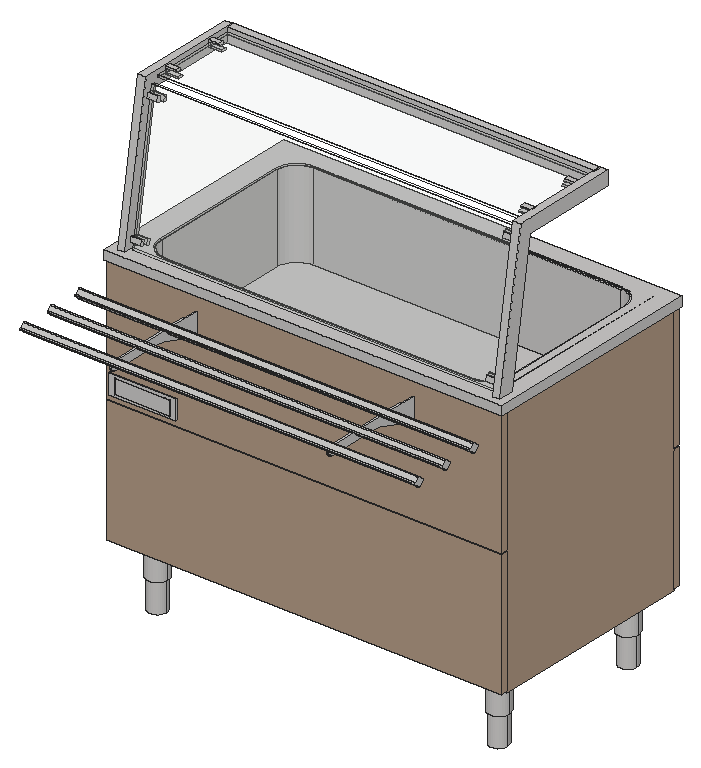
Revit family "QF_ELECTROLUXPROFESSIONAL_322076_F01H3AF01W", category Specialty Equipment, Revit 2018
Family settings
  Round Connector Dimension = Use Diameter
  Part Type = Normal
  Work Plane-Based = No
  Always vertical = Yes
  Cut with Voids When Loaded = No
  Shared = No
  Room Calculation Point = No
Parameters (values of type "Standard")
  Weight = 110.00 kg
  Watts = 0 W
  Volts = 220 V
  URL Manufacturer = "http://professional.electrolux.com"
  URL = "http://professional.electrolux.com"
  Steam Supply Size = 0 mm
  Steam Supply Minimum Pressure = 0.0 Pa
  Steam Supply Maximum Pressure = 0.0 Pa
  Steam Pounds per Hour = 0
  Show Clearance [instance] = yes
  Refrigeration Suction Line Size = 0 mm
  Refrigeration Liquid Line Size = 0 mm
  Refrigerant Compressor Remote = yes
  Manufacturer = "Electrolux Professional"
  Phase = 1
  Model = "F01H3AF01W"
  Length Actual = 1100 mm  # constant formula
  Item Number = "322076"
  Hot Water Size = 0 mm
  Height Actual = 1304 mm  # constant formula
  HP = "0 HP"
  Gas Size = 0 mm
  Gas KW = 0
  Gas Input Pressure = 0 W
  Direct Waste Size = 19.05 mm
  Description = "BAIN-MARIE, WATER, SINGLE WELL, 3GN H=900MM OVERSHELF W/LED LIGHTS"
  Depth Actual = 915 mm  # constant formula
  Cycle = 60 Hz
  Condensate Return Size = 0 mm
  Compressed Air Volume = 0.0 L/s
  Compressed Air Size = 0 mm
  Compressed Air Pressure = 0.0 Pa
  Cold Water Size = 0 mm
  Accessory = yes
Types (2, lengths in mm): name | URL | Manufacturer | Phase | Model | Description
  (no name) | 0 | 0 | 0 | 0 | 0
  Standard | "http://professional.electrolux.com" | "Electrolux Professional" | 1 | "F01H3AF01W" | "BAIN-MARIE, WATER, SINGLE WELL, 3GN H=900MM OVERSHELF W/LED LIGHTS"
Values of the unnamed type that differ from the named types
  Volts = 0 V
  URL Manufacturer = ""
  Item Number = ""
  Cycle = 0 Hz
Reference planes
  plane 1 "Centro (Fronte/Retro)": y = 74.737
  plane 2: z = 0
  plane 3 "BACK": y = 384.737
  plane 4 "FRONT": y = -235.263
  plane 5: z = 900
  plane 6 "RIGHT": x = 35.731
  plane 7 "LEFT": x = -1064.269
  plane 8: x = -514.269
  plane 9: y = 664.737
  plane 10: y = -530.02
  plane 11: z = 178
  plane 12: z = 1304
  plane 13: z = 1222
  plane 14: y = 297.737
  plane 15: y = -148.263
  plane 16: x = -986.269
  plane 17: x = -42.269
  plane 18: x = -1060.269
  plane 19: y = -231.263
  plane 20: x = 31.731
  plane 21: y = 380.737
  plane 22: z = 874
  plane 23: y = 362.737
  plane 24: y = -213.263
  plane 25: z = 182
  plane 26: z = 527
  plane 27: z = 531
  plane 28: x = -212.269
  plane 29: x = -816.269
  plane 30: x = -1042.394
  plane 31: x = 13.856
  plane 32: x = -6.144
  plane 33: x = -1022.394
  plane 34: x = -1014.269
  plane 35: x = -14.269
  plane 36: y = 130.237
  plane 37: y = 19.237
  plane 38: y = 33.237
  plane 39: y = 116.237
  plane 40: x = -952.269
  plane 41: x = -69.269
Forms (mm)
  Extrusion 1, solid, material "QF_Finishes_Wood"
    sketch origin (0, 0, 0) x (1, 0, 0) y (0, 1, 0)
      loop
        line (-1060.269, 362.737) -> (-1060.269, -213.263) -> (31.731, -213.263) -> (31.731, 362.737) -> (-1060.269, 362.737)
    from 178 to 874
  Extrusion 2, solid, material "QF_Finishes_Wood"
    sketch origin (31.731, 362.737, 0) x (0, -1, 0) y (0, 0, -1)
      loop
        line (576, -182) -> (576, -527) -> (594, -527) -> (594, -182) -> (576, -182)
      loop
        line (576, -531) -> (576, -874) -> (594, -874) -> (594, -531) -> (576, -531)
    from 0 to -1092
  Extrusion 3, solid, material "QF_Finishes_Wood"
    sketch origin (31.731, -213.263, 0) x (0, 1, 0) y (0, 0, 1)
      loop
        line (576, 531) -> (594, 531) -> (594, 874) -> (576, 874) -> (576, 531)
    from 0 to -1092
  Extrusion 4, solid, material "QF_Finishes_Stainless Steel"
    sketch origin (0, 0, 0) x (1, 0, 0) y (0, 1, 0)
      loop
        line (-1064.269, 384.737) -> (-1064.269, -235.263) -> (35.731, -235.263) -> (35.731, 384.737) -> (-1064.269, 384.737)
    from 874 to 900
  Extrusion 5, solid, material "QF_Finishes_Stainless Steel"
    sketch origin (-217.269, 362.737, 0) x (0, -1, 0) y (0, 0, -1)
      loop
        arc (628.84, -832.7) -> (632.082, -833.911) -> (635.519, -834.32) r 14.5
        line (635.519, -834.32) -> (675.715, -834.32) -> (689.858, -820.177) -> (704, -834.32) -> (770.715, -834.32) -> (784.858, -820.177) -> (799, -834.32) -> (865.716, -834.32) -> (879.858, -820.177) -> (887.686, -828.005) -> (887.686, -821.352)
        arc (887.686, -821.352) -> (887.303, -819.435) -> (886.214, -817.81) r 4.999
        line (886.214, -817.81) -> (881.179, -812.776)
        arc (881.179, -812.776) -> (879.559, -811.698) -> (877.651, -811.32) r 5
        line (877.651, -811.32) -> (732.206, -811.32)
        arc (732.206, -811.32) -> (708.662, -809.221) -> (685.86, -802.991) r 133.106
        line (685.86, -802.991) -> (638.285, -785.32) -> (597.679, -770.12) -> (594, -770.12) -> (594, -832.7) -> (628.84, -832.7)
    from 0 to 5
  Extrusion 6, void
    sketch origin (0, 0, 0) x (1, 0, 0) y (0, 1, 0)
      loop
        line (-999.269, 273.737) -> (-999.269, -124.263)
        arc (-999.269, -124.263) -> (-981.402, -167.396) -> (-938.269, -185.263) r 61
        line (-938.269, -185.263) -> (-90.269, -185.263)
        arc (-90.269, -185.263) -> (-47.135, -167.396) -> (-29.269, -124.263) r 61
        line (-29.269, -124.263) -> (-29.269, 273.737)
        arc (-29.269, 273.737) -> (-47.135, 316.871) -> (-90.269, 334.737) r 61
        line (-90.269, 334.737) -> (-938.269, 334.737)
        arc (-938.269, 334.737) -> (-981.402, 316.871) -> (-999.269, 273.737) r 61
    from 628.045 to 900
  Extrusion 7, solid, material "QF_Finishes_Wood"
    sketch origin (419.731, -213.263, -348) x (0, 1, 0) y (0, 0, 1)
      loop
        line (576, 530) -> (594, 530) -> (594, 875) -> (576, 875) -> (576, 530)
    from -388 to -658.044
  Extrusion 8, solid, material "QF_Finishes_Wood"
    sketch origin (-234.269, -213.263, -348) x (0, 1, 0) y (0, 0, 1)
      loop
        line (576, 530) -> (594, 530) -> (594, 875) -> (576, 875) -> (576, 530)
    from -548.963 to -826
  Extrusion 9, solid, material "QF_Door-Drawer Clearances", visible <- "Show Clearance"
    sketch origin (0, -4, 0) x (1, 0, 0) y (0, 1, 0)
      loop
        line (-783.232, 384.737) -> (-238.312, 384.737) -> (-710.987, 657.636)
        arc (-710.987, 657.636) -> (-765.12, 525.955) -> (-783.232, 384.737) r 544.001
    from 182 to 527
  Extrusion 10, solid, material "QF_Finishes_Stainless Steel"
    sketch origin (-816.269, 362.737, 0) x (0, -1, 0) y (0, 0, -1)
      loop
        arc (628.84, -832.7) -> (632.082, -833.911) -> (635.519, -834.32) r 14.5
        line (635.519, -834.32) -> (675.715, -834.32) -> (689.858, -820.177) -> (704, -834.32) -> (770.715, -834.32) -> (784.858, -820.177) -> (799, -834.32) -> (865.716, -834.32) -> (879.858, -820.177) -> (887.686, -828.005) -> (887.686, -821.352)
        arc (887.686, -821.352) -> (887.303, -819.435) -> (886.214, -817.81) r 4.999
        line (886.214, -817.81) -> (881.179, -812.776)
        arc (881.179, -812.776) -> (879.559, -811.698) -> (877.651, -811.32) r 5
        line (877.651, -811.32) -> (732.206, -811.32)
        arc (732.206, -811.32) -> (708.662, -809.221) -> (685.86, -802.991) r 133.106
        line (685.86, -802.991) -> (638.285, -785.32) -> (597.679, -770.12) -> (594, -770.12) -> (594, -832.7) -> (628.84, -832.7)
    from 0 to 5
  Extrusion 11, solid, material "QF_Finishes_Stainless Steel"
    sketch origin (31.731, 362.737, 0) x (0, -1, 0) y (0, 0, -1)
      loop
        line (881.983, -846.337) -> (891.875, -836.445)
        arc (891.875, -836.445) -> (892.757, -834.322) -> (891.879, -832.198) r 3
        line (891.879, -832.198) -> (881.979, -822.299)
        arc (881.979, -822.299) -> (879.858, -821.42) -> (877.737, -822.299) r 3
        line (877.737, -822.299) -> (867.837, -832.198)
        arc (867.837, -832.198) -> (866.958, -834.32) -> (867.837, -836.441) r 3
        line (867.837, -836.441) -> (877.737, -846.34)
        arc (877.737, -846.34) -> (879.86, -847.219) -> (881.983, -846.337) r 3
      loop
        line (786.979, -846.34) -> (796.879, -836.441)
        arc (796.879, -836.441) -> (797.757, -834.32) -> (796.879, -832.198) r 3
        line (796.879, -832.198) -> (786.979, -822.299)
        arc (786.979, -822.299) -> (784.858, -821.42) -> (782.737, -822.299) r 3
        line (782.737, -822.299) -> (772.837, -832.198)
        arc (772.837, -832.198) -> (771.958, -834.317) -> (772.833, -836.437) r 3
        line (772.833, -836.437) -> (782.741, -846.345)
        arc (782.741, -846.345) -> (784.861, -847.219) -> (786.979, -846.34) r 3
      loop
        line (691.976, -846.343) -> (701.882, -836.438)
        arc (701.882, -836.438) -> (702.757, -834.318) -> (701.879, -832.198) r 3
        line (701.879, -832.198) -> (691.979, -822.299)
        arc (691.979, -822.299) -> (689.858, -821.42) -> (687.737, -822.299) r 3
        line (687.737, -822.299) -> (677.837, -832.198)
        arc (677.837, -832.198) -> (676.958, -834.32) -> (677.837, -836.441) r 3
        line (677.837, -836.441) -> (687.737, -846.34)
        arc (687.737, -846.34) -> (689.856, -847.219) -> (691.976, -846.343) r 3
    from 0 to -1092
  Extrusion 12, solid, material "QF_Finishes_Stainless Steel"
    sketch origin (31.731, 362.737, 0) x (0, -1, 0) y (0, 0, -1)
      loop
        line (206.477, -1264.379) -> (206.477, -1304) -> (507.108, -1304) -> (578.344, -900) -> (537.727, -900) -> (473.477, -1264.379) -> (206.477, -1264.379)
    from -17.875 to -37.875
  Extrusion 13, solid, material "QF_Finishes_Stainless Steel"
    sketch origin (-895.269, 362.737, 0) x (0, -1, 0) y (0, 0, 1)
      loop
        line (206.477, 1264.379) -> (473.477, 1264.379) -> (537.727, 900) -> (578.344, 900) -> (507.108, 1304) -> (206.477, 1304) -> (206.477, 1264.379)
    from 147.125 to 127.125
  Extrusion 14, solid, material "QF_Finishes_Glass"
    sketch origin (-133.269, -231.263, 531) x (0, 0, 1) y (-1, 0, 0)
      loop
        line (757.879, -119) -> (765.879, -119) -> (765.879, 881) -> (757.879, 881) -> (757.879, -119)
    from -361.5 to -120.204
  Extrusion 15, solid, material "QF_Finishes_Stainless Steel"
    sketch origin (0, 0, 0) x (1, 0, 0) y (0, 1, 0)
      loop
        line (-1022.394, 156.26) -> (-1022.394, 136.26) -> (-6.144, 136.26) -> (-6.144, 156.26) -> (-1022.394, 156.26)
    from 1264.379 to 1304
  Extrusion 16, solid, material "QF_Finishes_Glass"
    sketch origin (-133.269, 362.737, 0) x (0, -1, 0) y (0, 0, -1)
      loop
        line (494.569, -1282.974) -> (562.097, -900) -> (553.974, -900) -> (486.445, -1282.974) -> (494.569, -1282.974)
    from 119 to -881
  Extrusion 17, solid, material "QF_Finishes_Wood"
    sketch origin (314.688, -213.263, -348) x (0, 1, 0) y (0, 0, 1)
      loop
        line (576, 530) -> (594, 530) -> (594, 875) -> (576, 875) -> (576, 530)
    from -553 to -1097.92
  Extrusion 18, solid, material "QF_Finishes_Stainless Steel"
    sketch origin (-283.269, -64.263, 531) x (0, 0, 1) y (-1, 0, 0)
      loop
        line (765.879, 706.5) -> (770.879, 708.5) -> (770.879, 739.125) -> (750.879, 739.125) -> (750.879, 731) -> (751.974, 731) -> (751.974, 700.938) -> (755.879, 702.5) -> (755.879, 732) -> (765.879, 732) -> (765.879, 706.5)
    from 0 to 14
  Extrusion 19, solid, material "QF_Finishes_Stainless Steel"
    sketch origin (-283.269, 85.737, 531) x (0, 0, 1) y (-1, 0, 0)
      loop
        line (765.879, 706.5) -> (770.879, 708.5) -> (770.879, 739.125) -> (750.879, 739.125) -> (750.879, 731) -> (751.974, 731) -> (751.974, 700.938) -> (755.879, 702.5) -> (755.879, 732) -> (765.879, 732) -> (765.879, 706.5)
    from 0 to 14
  Extrusion 20, solid, material "QF_Finishes_Stainless Steel"
    sketch origin (-745.269, -64.263, 531) x (0, 0, 1) y (-1, 0, 0)
      loop
        line (765.879, -706.5) -> (765.879, -732) -> (755.879, -732) -> (755.879, -702.5) -> (751.974, -700.938) -> (751.974, -731) -> (750.879, -731) -> (750.879, -739.125) -> (770.879, -739.125) -> (770.879, -708.5) -> (765.879, -706.5)
    from 0 to 14
  Extrusion 21, solid, material "QF_Finishes_Stainless Steel"
    sketch origin (-745.269, 85.737, 531) x (0, 0, 1) y (-1, 0, 0)
      loop
        line (765.879, -706.5) -> (765.879, -732) -> (755.879, -732) -> (755.879, -702.5) -> (751.974, -700.938) -> (751.974, -731) -> (750.879, -731) -> (750.879, -739.125) -> (770.879, -739.125) -> (770.879, -708.5) -> (765.879, -706.5)
    from 0 to 14
  Extrusion 22, solid, material "QF_Finishes_Stainless Steel"
    sketch origin (-745.269, 619.458, 1129.907) x (0, -0.984808, 0.173648) y (-1, 0, 0)
      loop
        line (765.879, -706.5) -> (765.879, -732) -> (755.879, -732) -> (755.879, -702.5) -> (751.974, -700.938) -> (751.974, -731) -> (750.879, -731) -> (750.879, -739.125) -> (770.879, -739.125) -> (770.879, -708.5) -> (765.879, -706.5)
    from 0 to 14
  Extrusion 23, solid, material "QF_Finishes_Stainless Steel"
    sketch origin (-283.269, 619.458, 1129.907) x (0, -0.984808, 0.173648) y (-1, 0, 0)
      loop
        line (765.879, 706.5) -> (770.879, 708.5) -> (770.879, 739.125) -> (750.879, 739.125) -> (750.879, 731) -> (751.974, 731) -> (751.974, 700.938) -> (755.879, 702.5) -> (755.879, 732) -> (765.879, 732) -> (765.879, 706.5)
    from 0 to 14
  Extrusion 24, solid, material "QF_Finishes_Stainless Steel"
    sketch origin (-745.269, 562.154, 799.389) x (0, -0.984808, 0.173648) y (-1, 0, 0)
      loop
        line (765.879, -706.5) -> (765.879, -732) -> (755.879, -732) -> (755.879, -702.5) -> (751.974, -700.938) -> (751.974, -731) -> (750.879, -731) -> (750.879, -739.125) -> (770.879, -739.125) -> (770.879, -708.5) -> (765.879, -706.5)
    from 0 to 14
  Extrusion 25, solid, material "QF_Finishes_Stainless Steel"
    sketch origin (-283.269, 562.154, 799.389) x (0, -0.984808, 0.173648) y (-1, 0, 0)
      loop
        line (765.879, 706.5) -> (770.879, 708.5) -> (770.879, 739.125) -> (750.879, 739.125) -> (750.879, 731) -> (751.974, 731) -> (751.974, 700.938) -> (755.879, 702.5) -> (755.879, 732) -> (765.879, 732) -> (765.879, 706.5)
    from 0 to 14
  Extrusion 26, solid, material "QF_Finishes_Stainless Steel"
    sketch origin (-1193.537, 0, 0) x (-1, 0, 0) y (0, -1, 0)
      loop
        circle (-196.269, -124.737) r 10
    from 178 to 166
  Extrusion 27, solid, material "QF_Finishes_Stainless Steel"
    sketch origin (-1193.537, 149.474, 0) x (-1, 0, 0) y (0, -1, 0)
      loop
        circle (-196.269, 124.737) r 10
    from 178 to 166
Cuts and joins
  Extrusion 6 cuts Extrusion 1
  Extrusion 6 cuts Extrusion 4
Lines and regions (mm)
  symbolic lines
    curve 1: line (35.731, 384.737, 0) -> (35.731, -235.263, 0)
    curve 2: line (-1064.269, -235.263, 0) -> (-1064.269, 384.737, 0)
    curve 3: line (-1064.269, 384.737, 0) -> (35.731, 384.737, 0)
    curve 4: line (-1064.269, -235.263, 0) -> (35.731, -235.263, 0)
    curve 5: line (-14.269, -64.263, 0) -> (-14.269, 71.737, 0)
    curve 6: line (-1014.269, 71.737, 0) -> (-1014.269, -64.263, 0)
    curve 7: line (-1042.394, 156.26, 0) -> (13.856, 156.26, 0)
    curve 8: line (13.856, 156.26, 0) -> (13.856, -215.607, 0)
    curve 9: line (13.856, -215.607, 0) -> (-6.144, -215.607, 0)
    curve 10: line (-6.144, -215.607, 0) -> (-6.144, 156.26, 0)
    curve 11: line (-6.144, 136.26, 0) -> (-1022.394, 136.26, 0)
    curve 12: line (-1022.394, 156.26, 0) -> (-1022.394, -215.607, 0)
    curve 13: line (-1022.394, -215.607, 0) -> (-1042.394, -215.607, 0)
    curve 14: line (-1042.394, -215.607, 0) -> (-1042.394, 156.26, 0)
    curve 15: line (-1042.394, -144.371, 0) -> (-1022.394, -144.371, 0)
    curve 16: line (-6.144, -144.371, 0) -> (13.856, -144.371, 0)
    curve 17: line (-1014.269, 130.237, 0) -> (-1014.269, 85.737, 0)
    curve 18: line (-1014.269, 130.237, 0) -> (-14.269, 130.237, 0)
    curve 19: line (-14.269, 130.237, 0) -> (-14.269, 85.737, 0)
    curve 20: line (-14.269, -78.263, 0) -> (-14.269, -111.059, 0)
    curve 21: line (-6.144, 85.737, 0) -> (-44.331, 85.737, 0)
    curve 22: line (-44.331, 85.737, 0) -> (-44.331, 71.737, 0)
    curve 23: line (-44.331, 71.737, 0) -> (-6.144, 71.737, 0)
    curve 24: line (-6.144, -64.263, 0) -> (-44.331, -64.263, 0)
    curve 25: line (-44.331, -64.263, 0) -> (-44.331, -78.263, 0)
    curve 26: line (-44.331, -78.263, 0) -> (-6.144, -78.263, 0)
    curve 27: line (-1022.394, -64.263, 0) -> (-989.769, -64.263, 0)
    curve 28: line (-989.769, -64.263, 0) -> (-989.769, -78.263, 0)
    curve 29: line (-989.769, -78.263, 0) -> (-1022.394, -78.263, 0)
    curve 30: line (-1022.394, 85.737, 0) -> (-989.769, 85.737, 0)
    curve 31: line (-989.769, 85.737, 0) -> (-989.769, 71.737, 0)
    curve 32: line (-989.769, 71.737, 0) -> (-1022.394, 71.737, 0)
    curve 33: line (-1022.394, -142.14, 0) -> (-991.769, -142.14, 0)
    curve 34: line (-991.769, -142.14, 0) -> (-991.769, -139.709, 0)
    curve 35: line (-991.769, -139.709, 0) -> (-1022.394, -139.709, 0)
    curve 36: line (-991.769, -142.14, 0) -> (-989.769, -137.216, 0)
    curve 37: line (-1015.269, -134.785, 0) -> (-989.769, -134.785, 0)
    curve 38: line (-1015.269, -134.785, 0) -> (-1015.269, -124.937, 0)
    curve 39: line (-1015.269, -124.937, 0) -> (-1014.269, -124.937, 0)
    curve 40: line (-1015.269, -127.368, 0) -> (-1014.269, -127.368, 0)
    curve 41: line (-1022.394, -120.013, 0) -> (-1014.269, -120.013, 0)
    curve 42: line (-1014.269, -120.013, 0) -> (-1014.269, -121.091, 0)
    curve 43: line (-984.207, -121.091, 0) -> (-984.207, -123.708, 0)
    curve 44: line (-984.207, -121.091, 0) -> (-985.269, -123.708, 0)
    curve 45: line (-991.769, -139.709, 0) -> (-989.769, -134.785, 0)
    curve 46: line (-989.769, -134.785, 0) -> (-989.769, -137.216, 0)
    curve 47: line (-1014.269, -123.708, 0) -> (-1014.269, -134.785, 0)
    curve 48: line (-14.269, -131.831, 0) -> (-14.269, -123.708, 0)
    curve 49: line (-14.269, -123.708, 0) -> (-1014.269, -123.708, 0)
    curve 50: line (-6.144, -142.14, 0) -> (-36.769, -142.14, 0)
    curve 51: line (-36.769, -142.14, 0) -> (-36.769, -139.709, 0)
    curve 52: line (-36.769, -139.709, 0) -> (-6.144, -139.709, 0)
    curve 53: line (-36.769, -142.14, 0) -> (-38.769, -137.216, 0)
    curve 54: line (-13.269, -134.785, 0) -> (-38.769, -134.785, 0)
    curve 55: line (-13.269, -134.785, 0) -> (-13.269, -124.937, 0)
    curve 56: line (-13.269, -124.937, 0) -> (-14.269, -124.937, 0)
    curve 57: line (-13.269, -127.368, 0) -> (-14.269, -127.368, 0)
    curve 58: line (-6.144, -120.013, 0) -> (-14.269, -120.013, 0)
    curve 59: line (-14.269, -120.013, 0) -> (-14.269, -121.091, 0)
    curve 60: line (-44.331, -121.091, 0) -> (-44.331, -123.708, 0)
    curve 61: line (-44.331, -121.091, 0) -> (-43.268, -123.708, 0)
    curve 62: line (-36.769, -139.709, 0) -> (-38.769, -134.785, 0)
    curve 63: line (-38.769, -134.785, 0) -> (-38.769, -137.216, 0)
    curve 64: line (-14.269, -123.708, 0) -> (-14.269, -134.785, 0)
    curve 65: line (-1014.269, -142.14, 0) -> (-1014.269, -192.089, 0)
    curve 66: line (-1014.269, -177.317, 0) -> (-1022.394, -177.317, 0)
    curve 67: line (-1014.269, -182.241, 0) -> (-1015.269, -182.241, 0)
    curve 68: line (-1015.269, -184.672, 0) -> (-1014.269, -184.672, 0)
    curve 69: line (-1015.269, -182.241, 0) -> (-1015.269, -192.089, 0)
    curve 70: line (-1015.269, -192.089, 0) -> (-989.779, -192.089, 0)
    curve 71: line (-991.769, -197.013, 0) -> (-989.779, -192.089, 0)
    curve 72: line (-989.779, -192.089, 0) -> (-989.779, -194.52, 0)
    curve 73: line (-991.769, -199.444, 0) -> (-989.779, -194.52, 0)
    curve 74: line (-991.769, -197.013, 0) -> (-991.769, -199.444, 0)
    curve 75: line (-1022.394, -199.444, 0) -> (-991.769, -199.444, 0)
    curve 76: line (-991.769, -197.013, 0) -> (-1022.394, -197.013, 0)
    curve 77: line (-14.269, -177.317, 0) -> (-6.144, -177.317, 0)
    curve 78: line (-14.269, -182.241, 0) -> (-13.269, -182.241, 0)
    curve 79: line (-13.269, -184.672, 0) -> (-14.269, -184.672, 0)
    curve 80: line (-13.269, -182.241, 0) -> (-13.269, -192.089, 0)
    curve 81: line (-13.269, -192.089, 0) -> (-38.758, -192.089, 0)
    curve 82: line (-36.769, -197.013, 0) -> (-38.758, -192.089, 0)
    curve 83: line (-38.758, -192.089, 0) -> (-38.758, -194.52, 0)
    curve 84: line (-36.769, -199.444, 0) -> (-38.758, -194.52, 0)
    curve 85: line (-36.769, -197.013, 0) -> (-36.769, -199.444, 0)
    curve 86: line (-6.144, -199.444, 0) -> (-36.769, -199.444, 0)
    curve 87: line (-36.769, -197.013, 0) -> (-6.144, -197.013, 0)
    curve 88: line (-991.735, -199.36, 0) -> (-36.803, -199.36, 0)
    curve 89: line (-1014.269, -78.263, 0) -> (-1014.269, -111.059, 0)
    curve 90: line (-1014.269, -111.059, 0) -> (-14.269, -111.059, 0)
    curve 91: line (-1014.269, -131.831, 0) -> (-14.269, -131.831, 0)
    curve 92: line (-14.269, -142.14, 0) -> (-14.269, -192.089, 0)
    curve 93: line (-44.331, -121.091, 0) -> (-14.269, -121.091, 0)
    curve 94: line (-1014.269, -121.091, 0) -> (-984.207, -121.091, 0)
    curve 98: line (-1064.269, -235.263, 0) -> (-1064.269, -530.02, 0)
    curve 99: line (-1064.269, -530.02, 0) -> (35.731, -530.02, 0)
    curve 100: line (35.731, -530.02, 0) -> (35.731, -235.263, 0)
  symbolic lines, style "QF_Door-Drawer Clearances"
    curve 95: line (-245.24, 384.737, 0) -> (-710.987, 653.636, 0)
    curve 96: arc (-710.987, 653.636, 0) -> (-764.605, 523.887, 0) -> (-783.232, 384.737, 0) r 544.001
    curve 97: line (-285.24, 384.737, 0) -> (-720.987, 636.316, 0)
  symbolic lines, style "SpecialityEquipmentHiddenLines"
    curve 101: line (-90.269, 329.737, 0) -> (-938.269, 329.737, 0)
    curve 102: arc (-938.269, 329.737, 0) -> (-977.867, 313.335, 0) -> (-994.269, 273.737, 0) r 56
    curve 103: line (-994.269, 273.737, 0) -> (-994.269, -124.263, 0)
    curve 104: arc (-994.269, -124.263, 0) -> (-977.867, -163.861, 0) -> (-938.269, -180.263, 0) r 56
    curve 105: line (-938.269, -180.263, 0) -> (-90.269, -180.263, 0)
    curve 106: arc (-90.269, -180.263, 0) -> (-50.671, -163.861, 0) -> (-34.269, -124.263, 0) r 56
    curve 107: line (-34.269, -124.263, 0) -> (-34.269, 273.737, 0)
    curve 108: arc (-34.269, 273.737, 0) -> (-50.671, 313.335, 0) -> (-90.269, 329.737, 0) r 56
    curve 109: line (-674.269, 329.737, 0) -> (-674.269, -180.263, 0)
    curve 110: line (-354.269, 329.737, 0) -> (-354.269, -180.263, 0)
Dimensions and locks
  plane 7 "LEFT" to plane 6 "RIGHT" = 1100 mm
  equal spacing: plane 3 "BACK", plane 1 "Centro (Fronte/Retro)", plane 4 "FRONT"
  plane 3 "BACK" to plane 4 "FRONT" = 620 mm
  equal spacing: plane 7 "LEFT", plane 8, plane 6 "RIGHT"
  locked: plane 9 to plane 3 "BACK" at 280
  locked: plane 4 "FRONT" to plane 10 at 294.757
  locked: plane 11 to plane 2 at 178
  locked: plane 5 to plane 2 at 900
  locked: plane 12 to plane 2 at 1304
  locked: plane 13 to plane 2 at 1222
  locked: plane 3 "BACK" to plane 14 at 87
  locked: plane 7 "LEFT" to plane 16 at 78
  locked: plane 17 to plane 6 "RIGHT" at 78
  locked: plane 15 to plane 4 "FRONT" at 87
  locked: plane 3 "BACK" to plane 21 at 4
  locked: plane 7 "LEFT" to plane 18 at 4
  locked: plane 20 to plane 6 "RIGHT" at 4
  locked: plane 19 to plane 4 "FRONT" at 4
  locked: plane 5 to plane 22 at 26
  locked: plane 24 to plane 19 at 18
  locked: plane 21 to plane 23 at 18
  plane 20 to plane 28 = 244 mm
  plane 29 to plane 18 = 244 mm
  equal spacing: plane 30, plane 8, plane 31
  plane 30 to plane 31 = 1056.25 mm
  locked: plane 30 to plane 33 at 20
  locked: plane 32 to plane 31 at 20
  equal spacing: plane 34, plane 8, plane 35
  plane 34 to plane 35 = 1000 mm
  equal spacing: plane 36, plane 1 "Centro (Fronte/Retro)", plane 37
  plane 36 to plane 37 = 111 mm
  locked: plane 36 to plane 39 at 14
  locked: plane 38 to plane 37 at 14
  locked: plane 41 to plane 6 "RIGHT" at 105
  locked: plane 7 "LEFT" to plane 40 at 112
  plane 16 to plane 7 "LEFT" = 78 mm
  plane 6 "RIGHT" to plane 17 = 78 mm
  angle Extrusion 9 sketch curve to Extrusion 9 sketch curve = 30.00°
  aligned and locked: level to plane 2
  aligned and locked: Extrusion 1 sketch curve to plane 23
  aligned and locked: plane 18 to Extrusion 1 sketch curve
  aligned and locked: plane 24 to Extrusion 1 sketch curve
  aligned and locked: Extrusion 1 sketch curve to plane 20
  aligned and locked: plane 22 to Extrusion 1
  aligned and locked: Extrusion 1 to plane 11
  aligned and locked: plane 25 to Extrusion 2 sketch curve
  aligned and locked: Extrusion 2 sketch curve to plane 24  (x2)
  aligned and locked: Extrusion 2 sketch curve to plane 26
  aligned and locked: plane 19 to Extrusion 2 sketch curve  (x2)
  aligned and locked: plane 27 to Extrusion 2 sketch curve
  aligned and locked: Extrusion 2 sketch curve to plane 22
  aligned and locked: Extrusion 2 to plane 18
  aligned and locked: Extrusion 3 to plane 18
  aligned and locked: Extrusion 4 sketch curve to plane 3 "BACK"
  aligned and locked: plane 7 "LEFT" to Extrusion 4 sketch curve
  aligned and locked: plane 4 "FRONT" to Extrusion 4 sketch curve
  aligned and locked: Extrusion 4 sketch curve to plane 6 "RIGHT"
  aligned and locked: Extrusion 4 to plane 22
  aligned and locked: plane 20 to Extrusion 7
  aligned and locked: Extrusion 8 to plane 18
  aligned and locked: plane 26 to Extrusion 9
  aligned and locked: Extrusion 7 to plane 25
  aligned and locked: Extrusion 8 to plane 25
  aligned and locked: plane 16 to nested 1
  aligned and locked: plane 17 to nested 2
  aligned and locked: nested 2 to plane 15
  aligned and locked: nested 1 to plane 15
  aligned and locked: nested 3 to plane 14
  aligned and locked: plane 16 to nested 4
  aligned and locked: plane 20 to Extrusion 11
  aligned and locked: Extrusion 11 to plane 18
  aligned and locked: nested 4 to plane 14
  aligned and locked: Extrusion 12 to plane 31
  aligned and locked: Extrusion 12 to plane 32
  aligned and locked: plane 33 to Extrusion 13
  aligned and locked: Extrusion 13 to plane 30
  aligned and locked: Extrusion 15 sketch curve to plane 32
  aligned and locked: plane 33 to Extrusion 15 sketch curve
  aligned and locked: Extrusion 15 to Extrusion 12
  aligned and locked: Extrusion 16 to plane 34
  aligned and locked: plane 35 to Extrusion 16
  aligned and locked: Extrusion 14 sketch curve to plane 35
  aligned and locked: plane 34 to Extrusion 14 sketch curve
  aligned and locked: plane 17 to nested 3
Automatic sketch dimensions
  curve 99 to plane 7 "LEFT" = 0 mm
  curve 13 to plane 30 = 0 mm
  curve 32 to plane 33 = 0 mm
  curve 67 to plane 34 = 0 mm
  curve 89 to plane 34 = 0 mm
  curve 39 to plane 34 = 0 mm
  curve 18 to plane 34 = 0 mm
  curve 6 to plane 34 = 0 mm
  curve 96 to plane 3 "BACK" = 0 mm
  curve 79 to plane 35 = 0 mm
  curve 20 to plane 35 = 0 mm
  curve 64 to plane 35 = 0 mm
  curve 19 to plane 35 = 0 mm
  curve 5 to plane 35 = 0 mm
  curve 23 to plane 32 = 0 mm
  curve 8 to plane 31 = 0 mm
  curve 100 to plane 6 "RIGHT" = 0 mm
  curve 99 to plane 10 = 0 mm
  curve 4 to plane 4 "FRONT" = 0 mm
  curve 17 to plane 36 = 0 mm
  curve 38 to plane 34 = 1 mm
  curve 67 to plane 34 = 1 mm
  curve 94 to plane 34 = 0 mm
  curve 103 to plane 16 = 8 mm
  curve 33 to plane 16 = 5.5 mm
  curve 71 to plane 16 = 5.5 mm
  curve 72 to plane 16 = 3.511 mm
  curve 37 to plane 16 = 3.5 mm
  curve 31 to plane 16 = 3.5 mm
  curve 27 to plane 16 = 3.5 mm
  plane 16 to curve 43 = 2.062 mm
  curve 101 to plane 40 = 14 mm
  curve 105 to plane 40 = 14 mm
  curve 95 to plane 9 = 11.101 mm
  plane 29 to curve 95 = 105.281 mm
  curve 96 to plane 3 "BACK" = 2 mm
  curve 96 to plane 28 = 26.966 mm
  plane 41 to curve 101 = 21 mm
  plane 41 to curve 105 = 21 mm
  curve 24 to plane 17 = 2.062 mm
  curve 22 to plane 17 = 2.062 mm
  curve 93 to plane 17 = 2.062 mm
  plane 17 to curve 63 = 3.5 mm
  plane 17 to curve 83 = 3.511 mm
  curve 53 to curve 50 = 2 mm
  curve 83 to curve 86 = 1.989 mm
  plane 17 to curve 107 = 8 mm
  plane 35 to curve 58 = 0 mm
  plane 35 to curve 54 = 1 mm
  curve 78 to curve 80 = 1 mm
  curve 14 to plane 24 = 2.344 mm
  curve 10 to plane 24 = 2.344 mm
  plane 24 to curve 74 = 13.819 mm
  plane 24 to curve 85 = 13.819 mm
  curve 73 to curve 76 = 2.431 mm
  curve 84 to curve 85 = 2.431 mm
  curve 82 to curve 83 = 2.493 mm
  curve 71 to curve 73 = 2.493 mm
  curve 72 to curve 71 = 2.431 mm
  curve 83 to curve 83 = 2.431 mm
  curve 80 to curve 80 = 9.848 mm
  curve 69 to curve 69 = 9.848 mm
  curve 105 to plane 15 = 32 mm
  plane 15 to curve 34 = 6.122 mm
  plane 15 to curve 50 = 6.122 mm
  curve 33 to curve 34 = 2.431 mm
  curve 50 to curve 52 = 2.431 mm
  curve 51 to curve 53 = 2.493 mm
  curve 34 to curve 36 = 2.493 mm
  curve 36 to curve 45 = 2.431 mm
  curve 53 to curve 62 = 2.431 mm
  curve 64 to curve 48 = 2.954 mm
  curve 48 to curve 55 = 6.894 mm
  curve 91 to curve 38 = 6.894 mm
  curve 39 to curve 49 = 1.229 mm
  curve 47 to curve 42 = 2.617 mm
  curve 48 to curve 93 = 2.617 mm
  curve 42 to curve 41 = 1.078 mm
  curve 59 to curve 59 = 1.078 mm
  curve 58 to curve 90 = 8.954 mm
  curve 60 to curve 25 = 42.828 mm
  curve 89 to curve 28 = 32.796 mm
  curve 25 to curve 25 = 14 mm
  curve 28 to curve 27 = 14 mm
  plane 1 "Centro (Fronte/Retro)" to curve 32 = 3 mm
  plane 1 "Centro (Fronte/Retro)" to curve 23 = 3 mm
  curve 22 to plane 1 "Centro (Fronte/Retro)" = 11 mm
  curve 30 to plane 1 "Centro (Fronte/Retro)" = 11 mm
  plane 36 to curve 7 = 26.023 mm
  curve 102 to plane 14 = 24 mm
  curve 73 to curve 88 = 0.034 mm
  plane 16 to curve 44 = 0.999 mm
  curve 97 to plane 9 = 28.421 mm
  curve 97 to curve 95 = 10 mm
  curve 96 to curve 109 = 108.963 mm
  curve 110 to plane 28 = 142 mm
  curve 97 to curve 96 = 46.005 mm
  curve 95 to curve 96 = 6.005 mm
  curve 61 to plane 17 = 0.999 mm
  curve 79 to curve 78 = 2.431 mm
  curve 68 to curve 67 = 2.431 mm
  curve 78 to curve 77 = 4.924 mm
  curve 67 to curve 66 = 4.924 mm
  plane 15 to curve 16 = 3.892 mm
  curve 15 to curve 33 = 2.23 mm
  curve 40 to curve 38 = 2.431 mm
  curve 57 to curve 56 = 2.431 mm
  plane 36 to curve 11 = 6.023 mm
  Extrusion 1 to Extrusion 3 sketch curve = 0 mm
  Extrusion 3 sketch curve to Extrusion 1 = 0 mm
  Extrusion 3 sketch curve to Extrusion 3 sketch curve = 18 mm
  Extrusion 3 sketch curve to Extrusion 3 sketch curve = 343 mm
  Extrusion 5 sketch curve to plane 19 = 0 mm
  plane 4 "FRONT" to Extrusion 5 sketch curve = 0.321 mm
  Extrusion 5 sketch curve to plane 4 "FRONT" = 30.84 mm
  Extrusion 5 sketch curve to Extrusion 5 sketch curve = 6.66 mm
  Extrusion 5 sketch curve to Extrusion 5 sketch curve = 6.678 mm
  Extrusion 5 sketch curve to Extrusion 5 sketch curve = 2.785 mm
  Extrusion 5 sketch curve to Extrusion 5 sketch curve = 40.197 mm
  Extrusion 5 sketch curve to Extrusion 5 sketch curve = 10.145 mm
  Extrusion 5 sketch curve to Extrusion 5 sketch curve = 3.998 mm
  Extrusion 5 sketch curve to plane 22 = 39.68 mm  (x3)
  Extrusion 5 sketch curve to Extrusion 5 sketch curve = 14.142 mm  (x3)
  Extrusion 5 sketch curve to Extrusion 5 sketch curve = 28.206 mm
  Extrusion 5 sketch curve to Extrusion 5 sketch curve = 38.51 mm
  Extrusion 5 sketch curve to Extrusion 5 sketch curve = 14.143 mm
  plane 10 to Extrusion 5 sketch curve = 27.042 mm
  plane 10 to Extrusion 5 sketch curve = 15.107 mm
  Extrusion 5 sketch curve to Extrusion 5 sketch curve = 2.207 mm
  Extrusion 5 sketch curve to Extrusion 5 sketch curve = 3.528 mm  (x2)
  Extrusion 5 sketch curve to Extrusion 5 sketch curve = 2.829 mm
  plane 10 to Extrusion 5 sketch curve = 5.072 mm
  Extrusion 5 sketch curve to Extrusion 5 sketch curve = 1.62 mm
  Extrusion 5 sketch curve to Extrusion 5 sketch curve = 6.314 mm
  Extrusion 5 sketch curve to Extrusion 5 sketch curve = 6.653 mm
  Extrusion 5 sketch curve to Extrusion 5 sketch curve = 1.175 mm
  Extrusion 5 sketch curve to Extrusion 5 sketch curve = 3.858 mm
  Extrusion 5 sketch curve to Extrusion 5 sketch curve = 3.543 mm
  Extrusion 5 sketch curve to Extrusion 5 sketch curve = 23 mm
  Extrusion 5 sketch curve to Extrusion 5 sketch curve = 17.187 mm
  Extrusion 5 sketch curve to Extrusion 5 sketch curve = 34.499 mm
  Extrusion 5 sketch curve to Extrusion 5 sketch curve = 15.2 mm
  Extrusion 5 sketch curve to Extrusion 5 sketch curve = 0 mm
  Extrusion 6 sketch curve to plane 40 = 14 mm  (x2)
  plane 41 to Extrusion 6 sketch curve = 21 mm  (x2)
  plane 17 to Extrusion 6 sketch curve = 13 mm
  plane 24 to Extrusion 6 sketch curve = 28 mm
  plane 15 to Extrusion 6 sketch curve = 24 mm
  Extrusion 6 sketch curve to plane 14 = 24 mm  (x2)
  Extrusion 6 sketch curve to Extrusion 6 sketch curve = 0 mm  (x3)
  Extrusion 7 sketch curve to plane 23 = 0 mm
  Extrusion 7 sketch curve to plane 21 = 0 mm
  Extrusion 7 sketch curve to plane 25 = 0 mm
  Extrusion 7 sketch curve to plane 26 = 0 mm
  Extrusion 8 sketch curve to plane 23 = 0 mm
  Extrusion 8 sketch curve to plane 21 = 0 mm
  Extrusion 8 sketch curve to plane 25 = 0 mm
  Extrusion 8 sketch curve to plane 26 = 0 mm
  Extrusion 9 sketch curve to plane 21 = 0 mm
  plane 29 to Extrusion 9 sketch curve = 33.037 mm
  Extrusion 9 sketch curve to plane 9 = 11.101 mm
  Extrusion 9 sketch curve to plane 8 = 196.719 mm
  Extrusion 9 sketch curve to plane 3 "BACK" = 2 mm
  Extrusion 10 sketch curve to plane 19 = 0 mm
  plane 4 "FRONT" to Extrusion 10 sketch curve = 0.321 mm
  Extrusion 10 sketch curve to plane 4 "FRONT" = 30.84 mm
  Extrusion 10 sketch curve to Extrusion 10 sketch curve = 6.66 mm
  Extrusion 10 sketch curve to Extrusion 10 sketch curve = 6.678 mm
  Extrusion 10 sketch curve to Extrusion 10 sketch curve = 2.785 mm
  Extrusion 10 sketch curve to Extrusion 10 sketch curve = 40.197 mm
  Extrusion 10 sketch curve to Extrusion 10 sketch curve = 10.145 mm
  Extrusion 10 sketch curve to Extrusion 10 sketch curve = 3.998 mm
  Extrusion 10 sketch curve to plane 22 = 39.68 mm  (x3)
  Extrusion 10 sketch curve to Extrusion 10 sketch curve = 14.142 mm  (x3)
  Extrusion 10 sketch curve to Extrusion 10 sketch curve = 28.206 mm
  Extrusion 10 sketch curve to Extrusion 10 sketch curve = 38.51 mm
  Extrusion 10 sketch curve to Extrusion 10 sketch curve = 14.143 mm
  plane 10 to Extrusion 10 sketch curve = 27.042 mm
  plane 10 to Extrusion 10 sketch curve = 15.107 mm
  Extrusion 10 sketch curve to Extrusion 10 sketch curve = 2.207 mm
  Extrusion 10 sketch curve to Extrusion 10 sketch curve = 3.528 mm  (x2)
  Extrusion 10 sketch curve to Extrusion 10 sketch curve = 2.829 mm
  plane 10 to Extrusion 10 sketch curve = 5.072 mm
  Extrusion 10 sketch curve to Extrusion 10 sketch curve = 1.62 mm
  Extrusion 10 sketch curve to Extrusion 10 sketch curve = 6.314 mm
  Extrusion 10 sketch curve to Extrusion 10 sketch curve = 6.653 mm
  Extrusion 10 sketch curve to Extrusion 10 sketch curve = 1.175 mm
  Extrusion 10 sketch curve to Extrusion 10 sketch curve = 3.858 mm
  Extrusion 10 sketch curve to Extrusion 10 sketch curve = 3.543 mm
  Extrusion 10 sketch curve to Extrusion 10 sketch curve = 23 mm
  Extrusion 10 sketch curve to Extrusion 10 sketch curve = 17.187 mm
  Extrusion 10 sketch curve to Extrusion 10 sketch curve = 34.499 mm
  Extrusion 10 sketch curve to Extrusion 10 sketch curve = 15.2 mm
  Extrusion 10 sketch curve to Extrusion 10 sketch curve = 0 mm
  Extrusion 1 to Extrusion 11 sketch curve = 39.68 mm
  Extrusion 11 sketch curve to Extrusion 1 = 103.958 mm
  Extrusion 11 sketch curve to Extrusion 11 sketch curve = 9.899 mm  (x7)
  Extrusion 1 to Extrusion 11 sketch curve = 27.657 mm
  Extrusion 11 sketch curve to Extrusion 11 sketch curve = 2.118 mm  (x3)
  Extrusion 1 to Extrusion 11 sketch curve = 37.562 mm
  Extrusion 11 sketch curve to Extrusion 11 sketch curve = 2.124 mm  (x2)
  Extrusion 1 to Extrusion 11 sketch curve = 37.563 mm
  Extrusion 11 sketch curve to Extrusion 11 sketch curve = 70.951 mm
  Extrusion 1 to Extrusion 11 sketch curve = 41.802 mm  (x6)
  Extrusion 11 sketch curve to Extrusion 11 sketch curve = 0.004 mm
  Extrusion 11 sketch curve to Extrusion 11 sketch curve = 2.126 mm
  Extrusion 1 to Extrusion 11 sketch curve = 27.655 mm
  Extrusion 11 sketch curve to Extrusion 11 sketch curve = 9.908 mm
  Extrusion 11 sketch curve to Extrusion 11 sketch curve = 2.117 mm
  Extrusion 11 sketch curve to Extrusion 11 sketch curve = 9.9 mm  (x3)
  Extrusion 1 to Extrusion 11 sketch curve = 27.66 mm  (x3)
  Extrusion 11 sketch curve to Extrusion 11 sketch curve = 2.121 mm  (x16)
  Extrusion 1 to Extrusion 11 sketch curve = 37.559 mm  (x3)
  Extrusion 11 sketch curve to Extrusion 11 sketch curve = 70.958 mm
  Extrusion 11 sketch curve to Extrusion 11 sketch curve = 0 mm  (x12)
  Extrusion 1 to Extrusion 11 sketch curve = 51.701 mm  (x6)
  Extrusion 1 to Extrusion 11 sketch curve = 27.663 mm
  Extrusion 11 sketch curve to Extrusion 11 sketch curve = 2.125 mm
  Extrusion 1 to Extrusion 11 sketch curve = 37.555 mm
  Extrusion 1 to Extrusion 12 sketch curve = 206.477 mm
  Extrusion 1 to Extrusion 12 sketch curve = 102.523 mm
  Extrusion 12 sketch curve to Extrusion 12 sketch curve = 33.631 mm
  Extrusion 1 to Extrusion 12 sketch curve = 38.273 mm
  Extrusion 12 sketch curve to Extrusion 1 = 2.344 mm
  Extrusion 12 sketch curve to Extrusion 1 = 430 mm
  Extrusion 12 sketch curve to Extrusion 12 sketch curve = 39.621 mm
  Extrusion 12 sketch curve to Extrusion 1 = 26 mm
  Extrusion 13 sketch curve to plane 12 = 0 mm
  Extrusion 13 sketch curve to plane 5 = 0 mm
  plane 36 to Extrusion 13 sketch curve = 26.023 mm
  plane 15 to Extrusion 13 sketch curve = 37.523 mm
  plane 15 to Extrusion 13 sketch curve = 3.892 mm
  Extrusion 13 sketch curve to plane 15 = 26.727 mm
  Extrusion 13 sketch curve to plane 24 = 2.344 mm
  Extrusion 13 sketch curve to plane 12 = 39.621 mm
  Extrusion 14 sketch curve to plane 12 = 15.121 mm
  Extrusion 14 sketch curve to plane 12 = 7.121 mm
  plane 36 to Extrusion 15 sketch curve = 6.023 mm
  Extrusion 15 sketch curve to Extrusion 15 sketch curve = 20 mm
  Extrusion 16 sketch curve to plane 5 = 0 mm
  plane 15 to Extrusion 16 sketch curve = 24.555 mm
  Extrusion 16 sketch curve to Extrusion 16 sketch curve = 8.123 mm  (x2)
  plane 24 to Extrusion 16 sketch curve = 22.026 mm
  Extrusion 16 sketch curve to plane 12 = 21.026 mm
  Extrusion 17 sketch curve to plane 23 = 0 mm
  Extrusion 17 sketch curve to plane 21 = 0 mm
  Extrusion 17 sketch curve to plane 25 = 0 mm
  Extrusion 17 sketch curve to plane 26 = 0 mm
  Extrusion 18 sketch curve to plane 34 = 0 mm
  Extrusion 18 sketch curve to plane 33 = 0 mm
  Extrusion 18 sketch curve to plane 12 = 22.121 mm
  Extrusion 18 sketch curve to Extrusion 18 sketch curve = 1.095 mm
  plane 16 to Extrusion 18 sketch curve = 0.5 mm
  Extrusion 18 sketch curve to Extrusion 18 sketch curve = 3.905 mm
  Extrusion 18 sketch curve to plane 34 = 1 mm
  Extrusion 18 sketch curve to plane 12 = 7.121 mm
  Extrusion 18 sketch curve to plane 12 = 2.121 mm
  plane 16 to Extrusion 18 sketch curve = 2.062 mm
  Extrusion 18 sketch curve to plane 16 = 3.5 mm
  Extrusion 18 sketch curve to Extrusion 18 sketch curve = 2 mm
  Extrusion 19 sketch curve to plane 34 = 0 mm
  Extrusion 19 sketch curve to plane 33 = 0 mm
  Extrusion 19 sketch curve to plane 12 = 22.121 mm
  Extrusion 19 sketch curve to Extrusion 19 sketch curve = 1.095 mm
  plane 16 to Extrusion 19 sketch curve = 0.5 mm
  Extrusion 19 sketch curve to Extrusion 19 sketch curve = 3.905 mm
  Extrusion 19 sketch curve to plane 34 = 1 mm
  Extrusion 19 sketch curve to plane 12 = 7.121 mm
  Extrusion 19 sketch curve to plane 12 = 2.121 mm
  plane 16 to Extrusion 19 sketch curve = 2.062 mm
  Extrusion 19 sketch curve to plane 16 = 3.5 mm
  Extrusion 19 sketch curve to Extrusion 19 sketch curve = 2 mm
  Extrusion 20 sketch curve to plane 35 = 0 mm
  Extrusion 20 sketch curve to plane 32 = 0 mm
  Extrusion 20 sketch curve to plane 12 = 22.121 mm
  Extrusion 20 sketch curve to Extrusion 20 sketch curve = 1.095 mm
  Extrusion 20 sketch curve to plane 17 = 0.5 mm
  Extrusion 20 sketch curve to Extrusion 20 sketch curve = 3.905 mm
  plane 35 to Extrusion 20 sketch curve = 1 mm
  Extrusion 20 sketch curve to plane 12 = 7.121 mm
  Extrusion 20 sketch curve to plane 12 = 2.121 mm
  plane 17 to Extrusion 20 sketch curve = 5.5 mm
  plane 17 to Extrusion 20 sketch curve = 3.5 mm
  Extrusion 20 sketch curve to plane 17 = 2.062 mm
  Extrusion 21 sketch curve to plane 35 = 0 mm
  Extrusion 21 sketch curve to plane 32 = 0 mm
  Extrusion 21 sketch curve to plane 12 = 22.121 mm
  Extrusion 21 sketch curve to Extrusion 21 sketch curve = 1.095 mm
  Extrusion 21 sketch curve to plane 17 = 0.5 mm
  Extrusion 21 sketch curve to Extrusion 21 sketch curve = 3.905 mm
  plane 35 to Extrusion 21 sketch curve = 1 mm
  Extrusion 21 sketch curve to plane 12 = 7.121 mm
  Extrusion 21 sketch curve to plane 12 = 2.121 mm
  plane 17 to Extrusion 21 sketch curve = 5.5 mm
  plane 17 to Extrusion 21 sketch curve = 3.5 mm
  Extrusion 21 sketch curve to plane 17 = 2.062 mm
  plane 35 to Extrusion 22 sketch curve = 0 mm
  Extrusion 22 sketch curve to Extrusion 22 sketch curve = 1.095 mm
  Extrusion 22 sketch curve to plane 17 = 0.5 mm
  Extrusion 22 sketch curve to Extrusion 22 sketch curve = 3.905 mm
  plane 35 to Extrusion 22 sketch curve = 1 mm
  Extrusion 22 sketch curve to Extrusion 22 sketch curve = 10 mm
  Extrusion 22 sketch curve to Extrusion 22 sketch curve = 5 mm
  plane 32 to Extrusion 22 sketch curve = 0 mm
  plane 17 to Extrusion 22 sketch curve = 5.5 mm
  plane 17 to Extrusion 22 sketch curve = 3.5 mm
  Extrusion 22 sketch curve to plane 17 = 2.062 mm
  Extrusion 23 sketch curve to plane 34 = 0 mm
  Extrusion 23 sketch curve to Extrusion 23 sketch curve = 1.095 mm
  plane 16 to Extrusion 23 sketch curve = 0.5 mm
  Extrusion 23 sketch curve to Extrusion 23 sketch curve = 3.905 mm
  Extrusion 23 sketch curve to plane 34 = 1 mm
  Extrusion 23 sketch curve to Extrusion 23 sketch curve = 10 mm
  Extrusion 23 sketch curve to Extrusion 23 sketch curve = 5 mm
  plane 16 to Extrusion 23 sketch curve = 2.062 mm
  Extrusion 23 sketch curve to plane 16 = 3.5 mm
  Extrusion 23 sketch curve to Extrusion 23 sketch curve = 2 mm
  Extrusion 23 sketch curve to plane 33 = 0 mm
  plane 35 to Extrusion 24 sketch curve = 0 mm
  Extrusion 24 sketch curve to Extrusion 24 sketch curve = 1.095 mm
  Extrusion 24 sketch curve to plane 17 = 0.5 mm
  Extrusion 24 sketch curve to Extrusion 24 sketch curve = 3.905 mm
  plane 35 to Extrusion 24 sketch curve = 1 mm
  Extrusion 24 sketch curve to Extrusion 24 sketch curve = 10 mm
  Extrusion 24 sketch curve to Extrusion 24 sketch curve = 5 mm
  plane 32 to Extrusion 24 sketch curve = 0 mm
  plane 17 to Extrusion 24 sketch curve = 5.5 mm
  plane 17 to Extrusion 24 sketch curve = 3.5 mm
  Extrusion 24 sketch curve to plane 17 = 2.062 mm
  Extrusion 25 sketch curve to plane 34 = 0 mm
  Extrusion 25 sketch curve to Extrusion 25 sketch curve = 1.095 mm
  plane 16 to Extrusion 25 sketch curve = 0.5 mm
  Extrusion 25 sketch curve to Extrusion 25 sketch curve = 3.905 mm
  Extrusion 25 sketch curve to plane 34 = 1 mm
  Extrusion 25 sketch curve to Extrusion 25 sketch curve = 10 mm
  Extrusion 25 sketch curve to Extrusion 25 sketch curve = 5 mm
  plane 16 to Extrusion 25 sketch curve = 2.062 mm
  Extrusion 25 sketch curve to plane 16 = 3.5 mm
  Extrusion 25 sketch curve to Extrusion 25 sketch curve = 2 mm
  Extrusion 25 sketch curve to plane 33 = 0 mm
  plane 16 to Extrusion 26 sketch curve = 11 mm
  plane 36 to Extrusion 26 sketch curve = 5.5 mm
  Extrusion 27 sketch curve to plane 16 = 11 mm
  plane 37 to Extrusion 27 sketch curve = 5.5 mm
  radius of Extrusion 26 sketch curve = 10 mm
  radius of Extrusion 27 sketch curve = 10 mm
Nested families
  nested 1: "Foot_Ø50_H150" at (-986.269, -148.263, 0), type "Foot_Ø50_H150"
  nested 2: "Foot_Ø50_H150" at (-42.269, -148.263, 0), type "Foot_Ø50_H150"
  nested 3: "Foot_Ø50_H150" at (-42.269, 297.737, 0), type "Foot_Ø50_H150"
  nested 4: "Foot_Ø50_H150" at (-986.269, 297.737, 0), type "Foot_Ø50_H150"
  nested 5: "Bain Marie single well 1100" at (0, 0, 0), type "Bain Marie single well 1100"
    with Show Clearance yes
  nested 6: "Sun" at (-144.269, -45.263, 0), type "Sun"
  nested 7: "Controller_compact" at (-958.019, -231.263, 572.8) x (-1, 0, 0) z (0, -1, 0), type "Controller_compact"
Connectors
  piping at (-997.269, 124.737, 166), diameter 20
    settings: on Extrusion 26, index 6, connector inside diameter 609.6 mm, connector length 0 mm, flow factor 0, pipe flow 0.0 L/s, pressure drop 0.0 Pa, fitting loss kfactor 0, connector angle 0.00°, fixture units 0, engagement length 0 mm, angle of deflection 0.00°, flow configuration 1, flow direction 2, fitting loss method 0, system type 16, joint type 0, gender type 0, connector reference index -1, connector utility 0, adjustable connector no, is connector primary yes, connector description ""
  electrical at (-997.269, 24.737, 166)
    settings: on Extrusion 27, index 8, voltage 0 V, apparent load 0 VA, apparent load phase1 0 VA, apparent load phase2 0 VA, apparent load phase3 0 VA, power factor 1, load classification "Other", number of poles 1, system type 31, power factor state 1, is connector primary yes, connector utility no, sub classification motor no, connector description ""
Definition of nested family "Foot_Ø50_H150"
  Reference planes
    plane 1 "Centro (Fronte/Retro)": y = 0
    plane 2: z = 0
    plane 3 "Centro (Sinistra/Destra)": x = 0
    plane 4: z = 178
  Forms (mm)
    Revolve 1, solid
      sketch origin (255.05, 0, 608.09) x (0, 0, 1) y (-1, 0, 0)
        loop
          line (-608.09, 255.05) -> (-608.09, 230.05) -> (-526.09, 230.05) -> (-526.09, 226.05) -> (-430.09, 226.05) -> (-430.09, 255.05) -> (-608.09, 255.05)
        axis (-608.09, 255.05) -> (-430.09, 255.05)
      angle from 0 to 360
  Dimensions and locks
    Revolve 1 sketch curve to Revolve 1 sketch curve = 96 mm
    aligned and locked: level to plane 2
    aligned and locked: plane 4 to Revolve 1 sketch curve
    aligned and locked: Revolve 1 sketch curve to level
    aligned and locked: plane 3 "Centro (Sinistra/Destra)" to Revolve 1 sketch curve
Definition of nested family "Bain Marie single well 1100"
  Parameters (values of type "Bain Marie single well 1100")
    Show Clearance [instance] = yes
  Reference planes
    plane 1 "Centro (Fronte/Retro)": y = 74.737
    plane 2: z = 0
    plane 3 "BACK": y = 384.737
    plane 4 "FRONT": y = -235.263
    plane 5 "RIGHT": x = 35.731
    plane 6 "LEFT": x = -1064.269
    plane 7: x = -514.269
    plane 8 "TOP": z = 900
    plane 9: y = 352.537
    plane 10: y = -203.063
    plane 11: x = -11.469
    plane 12: x = -1017.069
    plane 13: y = 329.737
    plane 14: y = -180.263
    plane 15: x = -994.269
    plane 16: x = -34.269
    plane 17: z = 898
    plane 18: z = 656.4
    plane 19: z = 659.4
    plane 20: x = -538.519
    plane 21: x = -490.019
  Forms (mm)
    Extrusion 1, solid
      sketch origin (0, 0, 900) x (-1, 0, 0) y (0, -1, 0)
        loop
          line (11.469, -352.537) -> (1017.069, -352.537) -> (1017.069, 203.063) -> (11.469, 203.063) -> (11.469, -352.537)
      from -2 to -243.6
    Extrusion 2, void
      sketch origin (0, 0, 900) x (-1, 0, 0) y (0, -1, 0)
        loop
          line (994.269, -273.737) -> (994.269, 124.263)
          arc (994.269, 124.263) -> (977.867, 163.861) -> (938.269, 180.263) r 56
          line (938.269, 180.263) -> (90.269, 180.263)
          arc (90.269, 180.263) -> (50.671, 163.861) -> (34.269, 124.263) r 56
          line (34.269, 124.263) -> (34.269, -273.737)
          arc (34.269, -273.737) -> (50.671, -313.335) -> (90.269, -329.737) r 56
          line (90.269, -329.737) -> (938.269, -329.737)
          arc (938.269, -329.737) -> (977.867, -313.335) -> (994.269, -273.737) r 56
      from 0 to -240.6
  Cuts and joins
    Extrusion 2 cuts Extrusion 1
  Dimensions and locks
    plane 6 "LEFT" to plane 5 "RIGHT" = 1100 mm
    equal spacing: plane 3 "BACK", plane 1 "Centro (Fronte/Retro)", plane 4 "FRONT"
    plane 3 "BACK" to plane 4 "FRONT" = 620 mm
    equal spacing: plane 6 "LEFT", plane 7, plane 5 "RIGHT"
    locked: plane 8 "TOP" to plane 2 at 900
    plane 11 to plane 5 "RIGHT" = 47.2 mm
    locked: plane 3 "BACK" to plane 9 at 32.2
    locked: plane 10 to plane 4 "FRONT" at 32.2
    locked: plane 3 "BACK" to plane 13 at 55
    locked: plane 14 to plane 4 "FRONT" at 55
    plane 6 "LEFT" to plane 15 = 70 mm
    plane 16 to plane 5 "RIGHT" = 70 mm
    locked: plane 8 "TOP" to plane 17 at 2
    locked: plane 8 "TOP" to plane 18 at 243.6
    locked: plane 19 to plane 18 at 3
    plane 15 to plane 20 to plane 21 to plane 16 = 455.75 mm, 48.5 mm, 455.75 mm
    plane 11 to plane 12 = 1005.6 mm
    plane 6 "LEFT" to plane 12 = 47.2 mm
    plane 12 to plane 11 = 1005.6 mm
    aligned and locked: level to plane 2
    aligned and locked: Extrusion 1 sketch curve to plane 9
    aligned and locked: plane 11 to Extrusion 1 sketch curve
    aligned and locked: Extrusion 1 sketch curve to plane 10
    aligned and locked: Extrusion 1 sketch curve to plane 12
    aligned and locked: Extrusion 1 to plane 18
    aligned and locked: Extrusion 2 to plane 19
    aligned and locked: Extrusion 2 sketch curve to plane 16
  Automatic sketch dimensions
    Extrusion 2 sketch curve to Extrusion 2 sketch curve = 56 mm  (x2)
    Extrusion 2 sketch curve to plane 13 = 56 mm
    plane 15 to Extrusion 2 sketch curve = 56 mm
    Extrusion 2 sketch curve to plane 13 = 0 mm
    Extrusion 2 sketch curve to plane 15 = 0 mm
    plane 14 to Extrusion 2 sketch curve = 0 mm
Definition of nested family "Controller_compact"
  Parameters
    Default Elevation = 1219.2 mm
  Reference planes
    plane 1 "Center (Front/Back)": y = 0
    plane 2: z = 0
    plane 3 "Center (Left/Right)": x = 0
    plane 4: x = -76
    plane 5: x = 76
    plane 6: y = -21
    plane 7: y = 21
    plane 8: x = -92.25
    plane 9: x = 92.25
    plane 10: y = -27.2
    plane 11: y = 27.2
  Forms (mm)
    Extrusion 1, solid
      sketch origin (0, 0, 0) x (1, 0, 0) y (0, 1, 0)
        loop
          line (-1219.2, 1219.2) -> (-1219.2, -1219.2) -> (1219.2, -1219.2) -> (1219.2, 1219.2) -> (-1219.2, 1219.2)
      from 0 to -304.8
    Extrusion 2, solid
      sketch origin (0, 0, 0) x (1, 0, 0) y (0, 1, 0)
        loop
          line (-76, 21) -> (-76, -21) -> (76, -21) -> (76, 21) -> (-76, 21)
      from 0 to 5
    Extrusion 3, solid
      sketch origin (0, 0, 0) x (1, 0, 0) y (0, 1, 0)
        loop
          line (-92.25, 27.2) -> (-92.25, -27.2) -> (92.25, -27.2) -> (92.25, 27.2) -> (-92.25, 27.2)
        loop
          line (-76, 21) -> (-76, -21) -> (76, -21) -> (76, 21) -> (-76, 21)
      from 0 to 5
  Lines and regions (mm)
    Split face 1
      outline origin (-14, 0, 5) x (1, 0, 0) y (0, 1, 0)
        loop
          line (-36, 10) -> (-36, -10) -> (-16, -10) -> (-16, 10) -> (-36, 10)
    Split face 2
      outline origin (26, 0, 5) x (1, 0, 0) y (0, 1, 0)
        loop
          line (-36, 10) -> (-36, -10) -> (-16, -10) -> (-16, 10) -> (-36, 10)
    Split face 3
      outline origin (98.5, 0, 5) x (1, 0, 0) y (0, 1, 0)
        loop
          line (-68.5, 10) -> (-68.5, -10) -> (-48.5, -10) -> (-48.5, 10) -> (-68.5, 10)
  Dimensions and locks
    equal spacing: plane 4, plane 3 "Center (Left/Right)", plane 5
    equal spacing: plane 7, plane 1 "Center (Front/Back)", plane 6
    plane 7 to plane 6 = 42 mm
    plane 4 to plane 5 = 152 mm
    equal spacing: plane 8, plane 3 "Center (Left/Right)", plane 9
    plane 8 to plane 9 = 184.5 mm
    equal spacing: plane 11, plane 1 "Center (Front/Back)", plane 10
    plane 11 to plane 10 = 54.4 mm
    aligned and locked: plane 2 to Extrusion 1
    aligned and locked: level to Extrusion 1
    aligned and locked: Extrusion 2 sketch curve to plane 7
    aligned and locked: plane 4 to Extrusion 2 sketch curve
    aligned and locked: plane 6 to Extrusion 2 sketch curve
    aligned and locked: Extrusion 2 sketch curve to plane 5
    aligned and locked: Extrusion 3 sketch curve to plane 11
    aligned and locked: plane 8 to Extrusion 3 sketch curve
    aligned and locked: plane 10 to Extrusion 3 sketch curve
    aligned and locked: Extrusion 3 sketch curve to plane 9
    aligned and locked: Extrusion 3 sketch curve to Extrusion 2  (x4)
    aligned and locked: Extrusion 3 to Extrusion 2
  Automatic sketch dimensions
    Extrusion 1 sketch curve to Extrusion 1 sketch curve = 2438.4 mm  (x2)
    Split face 1 sketch curve to Extrusion 2 = 11 mm  (x2)
    Split face 1 sketch curve to Extrusion 2 = 26 mm
    Split face 1 sketch curve to Split face 1 sketch curve = 20 mm
    Split face 2 sketch curve to Extrusion 2 = 11 mm  (x2)
    Split face 2 sketch curve to Extrusion 2 = 66 mm
    Split face 2 sketch curve to Split face 2 sketch curve = 20 mm
    Split face 3 sketch curve to Extrusion 2 = 11 mm  (x2)
    Split face 3 sketch curve to Extrusion 2 = 46 mm
    Split face 3 sketch curve to Split face 3 sketch curve = 20 mm
Definition of nested family "Sun"
  Reference planes
    plane 1 "Center (Front/Back)": y = 0
    plane 2: z = 0
    plane 3 "Center (Left/Right)": x = 0
  Lines and regions (mm)
    detail lines, in view "Ref. Level"
      curve 1: circle (0, 0, 0) r 35 normal (0, 0, 1)
      curve 2: line (-18, 31.177, 0) -> (-30, 51.962, 0)
      curve 3: line (0, 36, 0) -> (0, 60, 0)
      curve 4: line (18, 31.177, 0) -> (30, 51.962, 0)
      curve 5: line (31.177, 18, 0) -> (51.962, 30, 0)
      curve 6: line (36, 0, 0) -> (60, 0, 0)
      curve 7: line (31.177, -18, 0) -> (51.962, -30, 0)
      curve 8: line (18, -31.177, 0) -> (30, -51.962, 0)
      curve 9: line (0, -36, 0) -> (0, -60, 0)
      curve 10: line (-18, -31.177, 0) -> (-30, -51.962, 0)
      curve 11: line (-31.177, -18, 0) -> (-51.962, -30, 0)
      curve 12: line (-36, 0, 0) -> (-60, 0, 0)
      curve 13: line (-31.177, 18, 0) -> (-51.962, 30, 0)
